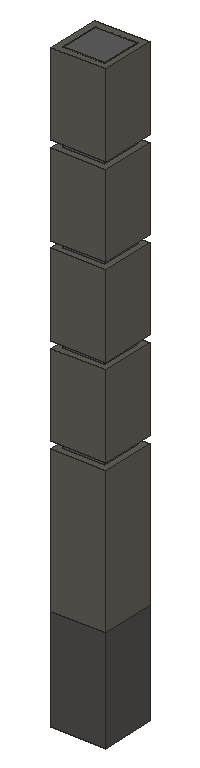
Revit family
Parameters (values of type "300 x 300 mm")
  Width = 300 mm
  Column Material = 기둥
Reference planes
  plane 1 "Center (Front/Back)": y = 0
  plane 2: z = 0
  plane 3 "Center (Left/Right)": x = 0
  plane 4 "Left": x = -150
  plane 5 "Right": x = 150
  plane 6 "Back": y = 150
  plane 7 "Front": y = -150
Forms (mm)
  Extrusion 1, solid, material "기둥" <- "Column Material"
    sketch origin (0, 0, 0) x (1, 0, 0) y (0, 1, 0)
      loop
        line (-150, 150) -> (-150, -150) -> (150, -150) -> (150, 150) -> (-150, 150)
    from 0 to 4400
  Extrusion 2, solid, material "화강석 4"
    sketch origin (0, 0, 0) x (1, 0, 0) y (0, 1, 0)
      loop
        line (-150, 150) -> (-150, -150) -> (150, -150) -> (150, 150) -> (-150, 150)
      loop
        line (-200, 200) -> (-200, -200) -> (200, -200) -> (200, 200) -> (-200, 200)
    from 0 to 745
  Extrusion 3, solid, material "화강석3"
    sketch origin (0, 0, 0) x (1, 0, 0) y (0, 1, 0)
      loop
        line (-150, 150) -> (-150, -150) -> (150, -150) -> (150, 150) -> (-150, 150)
      loop
        line (-200, 200) -> (-200, -200) -> (200, -200) -> (200, 200) -> (-200, 200)
    from 1850 to 2450
  Extrusion 4, solid, material "화강석3"
    sketch origin (0, 0, 0) x (1, 0, 0) y (0, 1, 0)
      loop
        line (-150, 150) -> (-150, -150) -> (150, -150) -> (150, 150) -> (-150, 150)
      loop
        line (-200, 200) -> (-200, -200) -> (200, -200) -> (200, 200) -> (-200, 200)
    from 2500 to 3100
  Extrusion 5, solid, material "화강석3"
    sketch origin (0, 0, 0) x (1, 0, 0) y (0, 1, 0)
      loop
        line (-150, 150) -> (-150, -150) -> (150, -150) -> (150, 150) -> (-150, 150)
      loop
        line (-200, 200) -> (-200, -200) -> (200, -200) -> (200, 200) -> (-200, 200)
    from 3150 to 3750
  Extrusion 6, solid, material "화강석3"
    sketch origin (0, 0, 0) x (1, 0, 0) y (0, 1, 0)
      loop
        line (-150, 150) -> (-150, -150) -> (150, -150) -> (150, 150) -> (-150, 150)
      loop
        line (-200, 200) -> (-200, -200) -> (200, -200) -> (200, 200) -> (-200, 200)
    from 3800 to 4400
  Extrusion 7, solid, material "화강석3"
    sketch origin (0, 0, 0) x (1, 0, 0) y (0, 1, 0)
      loop
        line (-150, 150) -> (-150, -150) -> (150, -150) -> (150, 150) -> (-150, 150)
      loop
        line (-200, 200) -> (-200, -200) -> (200, -200) -> (200, 200) -> (-200, 200)
    from 745 to 1800
Lines and regions (mm)
  Masking region 1
    outline origin (0, 0, 0) x (1, 0, 0) y (0, 1, 0)
      loop
        line (-150, 150) -> (-150, -150) -> (150, -150) -> (150, 150) -> (-150, 150)
  symbolic lines
    curve 1: line (-150, 150, 0) -> (150, 150, 0)
    curve 2: line (-150, -150, 0) -> (-150, 150, 0)
    curve 3: line (150, -150, 0) -> (-150, -150, 0)
    curve 4: line (150, 150, 0) -> (150, -150, 0)
Dimensions and locks
  equal spacing: plane 4 "Left", plane 3 "Center (Left/Right)", plane 5 "Right"
  equal spacing: plane 7 "Front", plane 1 "Center (Front/Back)", plane 6 "Back"
  "Width": plane 4 "Left" to plane 5 "Right"
  "Width": plane 7 "Front" to plane 6 "Back"
  aligned and locked: plane 4 "Left" to Extrusion 1 sketch curve
  aligned and locked: plane 6 "Back" to Extrusion 1 sketch curve
  aligned and locked: plane 7 "Front" to Extrusion 1 sketch curve
  aligned and locked: plane 5 "Right" to Extrusion 1 sketch curve
  aligned and locked: curve 1 to Extrusion 1  (x2)
  aligned and locked: Extrusion 1 to curve 4
  aligned and locked: curve 4 to Extrusion 1
  aligned and locked: Masking region 1 sketch curve to Extrusion 1  (x3)
  aligned and locked: Extrusion 1 to Masking region 1 sketch curve
Automatic sketch dimensions
  Extrusion 2 sketch curve to plane 4 "Left" = 0 mm
  Extrusion 2 sketch curve to plane 5 "Right" = 0 mm
  Extrusion 2 sketch curve to plane 7 "Front" = 0 mm
  Extrusion 2 sketch curve to plane 6 "Back" = 0 mm
  plane 4 "Left" to Extrusion 2 sketch curve = 50 mm
  Extrusion 2 sketch curve to plane 5 "Right" = 50 mm
  plane 7 "Front" to Extrusion 2 sketch curve = 50 mm
  Extrusion 2 sketch curve to plane 6 "Back" = 50 mm
  Extrusion 3 sketch curve to plane 4 "Left" = 0 mm
  Extrusion 3 sketch curve to plane 5 "Right" = 0 mm
  Extrusion 3 sketch curve to plane 7 "Front" = 0 mm
  Extrusion 3 sketch curve to plane 6 "Back" = 0 mm
  plane 4 "Left" to Extrusion 3 sketch curve = 50 mm
  Extrusion 3 sketch curve to plane 5 "Right" = 50 mm
  plane 7 "Front" to Extrusion 3 sketch curve = 50 mm
  Extrusion 3 sketch curve to plane 6 "Back" = 50 mm
  Extrusion 4 sketch curve to plane 4 "Left" = 0 mm
  Extrusion 4 sketch curve to plane 5 "Right" = 0 mm
  Extrusion 4 sketch curve to plane 7 "Front" = 0 mm
  Extrusion 4 sketch curve to plane 6 "Back" = 0 mm
  plane 4 "Left" to Extrusion 4 sketch curve = 50 mm
  Extrusion 4 sketch curve to plane 5 "Right" = 50 mm
  plane 7 "Front" to Extrusion 4 sketch curve = 50 mm
  Extrusion 4 sketch curve to plane 6 "Back" = 50 mm
  Extrusion 5 sketch curve to plane 4 "Left" = 0 mm
  Extrusion 5 sketch curve to plane 5 "Right" = 0 mm
  Extrusion 5 sketch curve to plane 7 "Front" = 0 mm
  Extrusion 5 sketch curve to plane 6 "Back" = 0 mm
  plane 4 "Left" to Extrusion 5 sketch curve = 50 mm
  Extrusion 5 sketch curve to plane 5 "Right" = 50 mm
  plane 7 "Front" to Extrusion 5 sketch curve = 50 mm
  Extrusion 5 sketch curve to plane 6 "Back" = 50 mm
  Extrusion 6 sketch curve to plane 4 "Left" = 0 mm
  Extrusion 6 sketch curve to plane 5 "Right" = 0 mm
  Extrusion 6 sketch curve to plane 7 "Front" = 0 mm
  Extrusion 6 sketch curve to plane 6 "Back" = 0 mm
  plane 4 "Left" to Extrusion 6 sketch curve = 50 mm
  Extrusion 6 sketch curve to plane 5 "Right" = 50 mm
  plane 7 "Front" to Extrusion 6 sketch curve = 50 mm
  Extrusion 6 sketch curve to plane 6 "Back" = 50 mm
  Extrusion 7 sketch curve to plane 7 "Front" = 0 mm
  Extrusion 7 sketch curve to plane 6 "Back" = 0 mm
  Extrusion 7 sketch curve to plane 6 "Back" = 50 mm
  plane 4 "Left" to Extrusion 7 sketch curve = 50 mm
  Extrusion 7 sketch curve to Extrusion 7 sketch curve = 50 mm  (x2)
  Extrusion 7 sketch curve to plane 4 "Left" = 300 mm
  plane 7 "Front" to Extrusion 7 sketch curve = 50 mm
